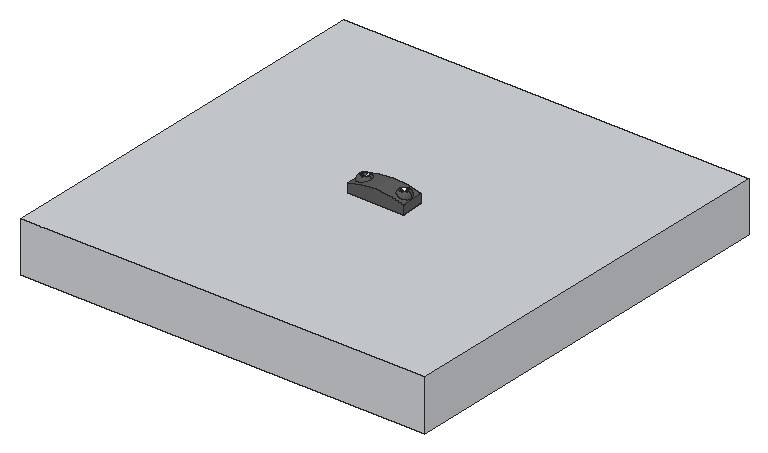
Revit family "LZ_SERIES", category Lighting Fixtures, host Face, Revit 2012
Parameters (values of type "LZ-Black")
  Wattage Comments = "5-10 W"
  Wattage = 10 W
  built-in parameter 1150110 = 1 (stored number, unit not read)
  URL = "http://www.dual-lite.com"
  built-in parameter 1114217 = 1 (stored number, unit not read)
  built-in parameter 1150109 = 1 (stored number, unit not read)
  built-in parameter 1150134 = 3
  built-in parameter 1150113 = 1 (stored number, unit not read)
  Reflector = Glass
  Product Page URL = "http://www.dual-lite.com/search/?q=LZ"
  Product Documentation Link = "http://www.dual-lite.com/content/products/specs/specs_files/dlt_lz_specsht.pdf"
  Model = "LZ"  # constant formula
  Manufacturer Phone = "(864)-678-1000"  # constant formula
  Manufacturer Fax = "(864)-678-1415"  # constant formula
  Manufacturer = "Dual-Lite"  # constant formula
  built-in parameter 1150105 = 118.21 (stored number, unit not read)
  Lumens = 1485.42 lm
  built-in parameter 1150115 = 1 (stored number, unit not read)
  Light Source Symbol Size = 0.400"
  built-in parameter 1150137 = (empty or 0)
  built-in parameter 1150139 = (empty or 0)
  built-in parameter 1150112 = 1 (stored number, unit not read)
  built-in parameter 1150114 = 1 (stored number, unit not read)
  Lamp = "2 HALOGEN LAMPS"  # constant formula
  built-in parameter 1150132 = (empty or 0)
  built-in parameter 1150102 = (empty or 0)
  built-in parameter 1150107 = 3200 (stored number, unit not read)
  built-in parameter 1150138 = (empty or 0)
  built-in parameter 1150106 = 1.1821 (stored number, unit not read)
  Family = "Outdoor Emergency Lighting"  # constant formula
  built-in parameter 1150104 = 13.8 (stored number, unit not read)
  Dimming Lamp Color Temperature Shift = <None>
  Description = "Low-profile, easy to install emergency lighting unit"  # constant formula
  Default Elevation = 48.000"
  Color Filter = 16777215
  built-in parameter 1114218 = 1 (stored number, unit not read)
  Backbox = Black
  built-in parameter 1150133 = 10 (stored number, unit not read)
Types (3): name | URL | Backbox
  (no name) | "http://www.dual-lite.com" | Black
  LZ-Black | "http://www.dual-lite.com" | Black
  LZ-White | "http://www.dual-lite.com/" | White
Reference planes (in)
  plane 1 "Center (Front/Back)": y = 0.03999
  plane 2: z = 0.04018
  plane 3 "Center (Left/Right)": x = 0
  plane 4: through (0, 4.17275, 0.82335) normal (0, -0.4384, 0.8988)
  plane 5: x = -6.625
  plane 6: x = 6.625
  plane 7: y = 2.66499
  plane 8: y = -2.58501
  plane 9: z = 3.54412
  plane 10: x = -4.67935
  plane 11: x = -4.68142
  plane 12: x = 4.67935
  plane 13: x = 4.68142
Forms (in)
  Extrusion 1, solid
    sketch origin (0, 0, 0.06357) x (1, 0, 0) y (0, 1, 0)
      loop
        line (-48, 48) -> (-48, -48) -> (48, -48) -> (48, 48) -> (-48, 48)
    from -0.02339 to -12
  Extrusion 2, solid, material "Black" <- "Backbox"
    sketch origin (0, 0.03999, 0) x (1, 0, 0) y (0, 0, 1)
      loop
        line (-6.575, 0.04018) -> (6.575, 0.04018)
        arc (6.575, 0.04018) -> (6.61036, 0.05482) -> (6.625, 0.09018) r 0.05
        line (6.625, 0.09018) -> (6.625, 2.17094)
        arc (6.625, 2.17094) -> (6.61546, 2.20032) -> (6.59048, 2.21849) r 0.05
        arc (6.59048, 2.21849) -> (0, 3.32494) -> (-6.59048, 2.21849) r 20.18106
        arc (-6.59048, 2.21849) -> (-6.61546, 2.20032) -> (-6.625, 2.17094) r 0.05
        line (-6.625, 2.17094) -> (-6.625, 0.09018)
        arc (-6.625, 0.09018) -> (-6.61036, 0.05482) -> (-6.575, 0.04018) r 0.05
    from -2.625 to 2.625
  Revolve 3, solid, material "Black" <- "Backbox"
    sketch origin (0.8519, 0.03999, 0.09711) x (1, 0, 0) y (0, 0, 1)
      loop
        line (-7.06972, 2.02061) -> (-5.53124, 2.02061) -> (-5.53124, 3.00348)
        arc (-5.53124, 3.00348) -> (-6.01986, 3.12157) -> (-6.41374, 3.4339) r 1.16924
        arc (-6.41374, 3.4339) -> (-6.43069, 3.44562) -> (-6.45125, 3.44413) r 0.03103
        arc (-6.45125, 3.44413) -> (-7.04079, 2.85416) -> (-7.06972, 2.02061) r 1.13807
      axis (-5.53124, 2.02061) -> (-5.53124, 3.44413)
    angle from 0 to 360
  Revolve 4, solid, material "Glass" <- "Reflector"
    sketch origin (-0.00774, 0.03999, -0.0115) x (1, 0, 0) y (0, 0, 1)
      loop
        arc (-5.55508, 3.54412) -> (-5.16134, 3.23255) -> (-4.67369, 3.11295) r 1.17962
        line (-4.67369, 3.11295) -> (-4.67369, 3.14423)
        arc (-4.67369, 3.14423) -> (-5.14079, 3.25505) -> (-5.52408, 3.54412) r 1.17001
        line (-5.52408, 3.54412) -> (-5.55508, 3.54412)
      axis (-4.67369, 3.11295) -> (-4.67369, 3.54412)
    angle from 0 to 360
  Revolve 5, solid, material "Black" <- "Backbox"
    sketch origin (-0.8519, 0.03999, 0.09711) x (-1, 0, 0) y (0, 0, 1)
      loop
        line (-7.06972, 2.02061) -> (-5.53124, 2.02061) -> (-5.53124, 3.00348)
        arc (-5.53124, 3.00348) -> (-6.01986, 3.12157) -> (-6.41374, 3.4339) r 1.16924
        arc (-6.41374, 3.4339) -> (-6.43069, 3.44562) -> (-6.45125, 3.44413) r 0.03103
        arc (-6.45125, 3.44413) -> (-7.04079, 2.85416) -> (-7.06972, 2.02061) r 1.13807
      axis (-5.53124, 2.02061) -> (-5.53124, 3.44413)
    angle from 0 to 360
  Revolve 6, solid, material "Glass" <- "Reflector"
    sketch origin (0.00774, 0.03999, -0.0115) x (-1, 0, 0) y (0, 0, 1)
      loop
        arc (-5.55508, 3.54412) -> (-5.16134, 3.23255) -> (-4.67369, 3.11295) r 1.17962
        line (-4.67369, 3.11295) -> (-4.67369, 3.14423)
        arc (-4.67369, 3.14423) -> (-5.14079, 3.25505) -> (-5.52408, 3.54412) r 1.17001
        line (-5.52408, 3.54412) -> (-5.55508, 3.54412)
      axis (-4.67369, 3.11295) -> (-4.67369, 3.54412)
    angle from 0 to 360
Dimensions and locks (in)
  locked: plane 5 to plane 3 "Center (Left/Right)" at 6.625
  locked: plane 6 to plane 3 "Center (Left/Right)" at 6.625
  locked: plane 7 to plane 1 "Center (Front/Back)" at 2.625
  locked: plane 8 to plane 1 "Center (Front/Back)" at 2.625
  locked: plane 9 to Extrusion 1 at 3.50394
  plane 5 to plane 3 "Center (Left/Right)" = 6.625"
  plane 3 "Center (Left/Right)" to plane 10 to plane 5 = 4.67935", 1.94565"
  locked: Revolve 3 sketch curve to Extrusion 1 at 2.07755
  locked: Revolve 3 sketch curve to Extrusion 1 at 2.45759
  plane 3 "Center (Left/Right)" to plane 12 to plane 6 = 4.67935", 1.94565"
  locked: Revolve 5 sketch curve to plane 6 at 1.47992
  locked: plane 13 to plane 6 at 1.94358
  locked: plane 11 to Revolve 4 sketch curve at 0.03078
  locked: Revolve 4 sketch curve to plane 9 at 0.75822
  aligned and locked: plane 2 to Extrusion 1
  aligned and locked: Extrusion 2 sketch curve to Extrusion 1
  aligned and locked: plane 7 to Extrusion 2
  aligned and locked: plane 8 to Extrusion 2
  aligned and locked: plane 5 to Extrusion 2 sketch curve
  aligned and locked: Extrusion 2 sketch curve to plane 6
  aligned and locked: plane 10 to Revolve 3 sketch curve
  aligned and locked: plane 11 to Revolve 4 sketch curve
  aligned and locked: Revolve 4 sketch curve to plane 11
  aligned and locked: Revolve 3 sketch curve to plane 10
  aligned and locked: Revolve 5 sketch curve to plane 12
  aligned and locked: Revolve 6 sketch curve to plane 13
  aligned and locked: plane 13 to Revolve 6 sketch curve
  aligned and locked: plane 12 to Revolve 5 sketch curve
Nested families (in)
  nested 1: "Family1" at (4.68141, 0.03999, -50.66769), type "Family1"
Connectors (in)
  electrical at (0, 0, 0.06357), driven by "Description"
    settings: index 1, voltage 0 V, apparent load 0 VA, apparent load phase1 0 VA, apparent load phase2 0 VA, apparent load phase3 0 VA, power factor 1, load classification "Other", number of poles 1, system type 30, power factor state 1, is connector primary yes, connector utility no, sub classification motor no, connector description "Low-profile, easy to install emergency lighting unit"
Definition of nested family "Family1"
  Parameters (values of type "Family1")
    Wattage = 12.1178 W
    built-in parameter 1150110 = 1 (stored number, unit not read)
    built-in parameter 1114217 = 1 (stored number, unit not read)
    built-in parameter 1150109 = 1 (stored number, unit not read)
    built-in parameter 1150134 = (empty or 0)
    built-in parameter 1150113 = 1 (stored number, unit not read)
    Lumens = 1800 lm
    built-in parameter 1150115 = 1 (stored number, unit not read)
    built-in parameter 1150105 = 143.24 (stored number, unit not read)
    Light Source Symbol Size = 24.000"
    built-in parameter 1150137 = (empty or 0)
    built-in parameter 1150139 = (empty or 0)
    built-in parameter 1150112 = 1 (stored number, unit not read)
    built-in parameter 1150114 = 1 (stored number, unit not read)
    built-in parameter 1150132 = 2
    built-in parameter 1150102 = (empty or 0)
    built-in parameter 1150138 = (empty or 0)
    built-in parameter 1150107 = 3000 (stored number, unit not read)
    built-in parameter 1150106 = 1.4324 (stored number, unit not read)
    built-in parameter 1150104 = 13.8 (stored number, unit not read)
    Dimming Lamp Color Temperature Shift = (empty or 0)
    Color Filter = 16777215
    built-in parameter 1114218 = 1 (stored number, unit not read)
    built-in parameter 1150133 = 10 (stored number, unit not read)
  Reference planes (in)
    plane 1 "Light Source Axis (F/B)": y = 0
    plane 2: z = 0
    plane 3 "Light Source Axis (L/R)": x = 0
    plane 4 "Light Source Elevation": z = 54
  Dimensions and locks (in)
    aligned and locked: plane 3 "Light Source Axis (L/R)" to imposter light
    aligned and locked: plane 1 "Light Source Axis (F/B)" to imposter light
    aligned and locked: plane 4 "Light Source Elevation" to imposter light
    aligned and locked: level to plane 2
